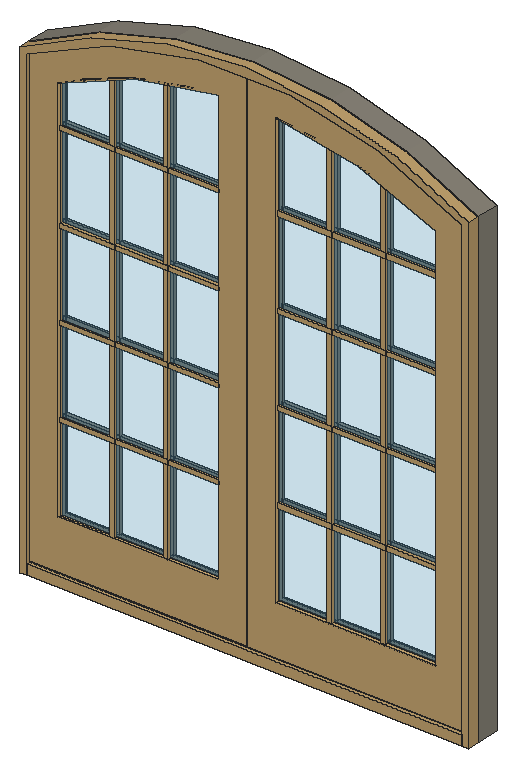
Revit family
Parameters (values of type "CUIAF6070")
  URL = "www.marvin.com"
  Thickness = 0' - 1 3/4"
  Sill Material = Fiberglass_Pultrusion-Marvin-Beige
  Rough Width = Width + 0' 1"  # 6' - 1 5/8"
  Rough Height = Height + 0' 0 1/2"  # 7' - 2 1/2"
  Radius = 6' - 0 1/8"
  RO Radius = 6' - 0 1/2"
  Plan Swing Angle [instance] = 90.00°
  Panel Width = (Width - 0' 2 1/2") / 2  # 2' - 11 1/16"
  Nominal Width = 6' - 0"
  Nominal Height = 7' - 0"
  Muntins Interior Visibility = yes
  Muntins Interior Material = Wood-Marvin-Pine
  Muntins Exterior Visibility = yes
  Muntins Exterior Material = Aluminum-Marvin-Bronze
  Model = "CUIAF6070"
  Mask Offset [instance] = if(Inset to Installation Flange = 0' 1 3/32", 0' 0 1/32", 0' 0")  # 0' - 0"
  Mask [instance] = Inset to Installation Flange > 0' 1 3/32"  # no
  Manufacturer = "Marvin Windows and Doors"
  Lites Wide = 3
  Lites High = 5
  Label Visibility = no
  Jamb Extension Visibility = no
  Interior Material = Wood-Marvin-Pine
  Inset to Installation Flange [instance] = 0' - 1"
  Height = if(Nominal Height = 6' 6", Nominal Height + 0' 1 1/2", if(Nominal Height = 8' 0", Nominal Height - 0' 0 1/2", Nominal Height + 0' 2"))  # 7' - 2"
  Wall Closure = (empty or 0)
  Width = Nominal Width + 0' 0 5/8"  # 6' - 0 5/8"
  Glazing Material = Glass-Marvin-IG Low E II with Argon
  Glass Type = "IG Low E II with Argon"
  Function = 1
  Frame = "Aluminum Clad"
  Family created by = "www.rbuiltcomponents.com"
  FS Springline = 6' - 4 3/16"
  Door Type = "Clad Ultimate Inswing Archtop French Door"
  Design Pressure = "DP40"
  Description = "7284 AT FR DOOR"
  Daylight Area = DLO Width * DLO Height * 2  # 24.9272 SF
  DLO Width = (Width - 1' 9 7/16") / 2  # 2' - 1 19/32"
  DLO Height = Height - 1' 3 7/8"  # 5' - 10 1/8"
  Cladding Material = Aluminum-Marvin-Bronze
  Assembly Code = ""
Reference planes (in)
  plane 1 "Center (Front/Back)": y = 0
  plane 2 "Center (Left/Right)": x = 0
  plane 3 "Left": x = -36.3125
  plane 4 "Right": x = 36.3125
  plane 5 "Top": z = 86
  plane 6 "Exterior": y = 3
  plane 7 "Interior": y = -3
  plane 8 "Inset": y = 2
  plane 9 "Glazing": y = -0.71875
  plane 10: x = -30.375
  plane 11: x = 30.375
  plane 12: z = 80.0625
  plane 13: z = 9.96875
  plane 14 "Jamb Ext Face": y = -2.5625
  plane 15: x = -0.0625
  plane 16: x = 0.0625
  plane 17: x = 4.8125
  plane 18: x = -4.8125
  plane 19: x = -17.59375
  plane 20: x = 17.59375
  plane 21: z = 76.1875
  plane 22: y = -2.59375
Forms (in)
  Sweep 1, solid, material "Aluminum-Marvin-Bronze" <- "Cladding Material"
    path origin (0, -0.71875, 0) x (1, 0, 0) y (0, 0, 1)
      loop
        line (-1.125, 4.03125) -> (36.3125, 4.03125) -> (36.3125, 76.1875)
        arc (36.3125, 76.1875) -> (18.26324, 83.64484) -> (-1.125, 85.98665) r 72.125
        line (-1.125, 85.98665) -> (-1.125, 4.03125)
    profile "Clad_Panel : Clad_Panel" origin (-1.125, -0.71875, 45.00895) x (-1, 0, 0) y (0, -1, 0)
      loop
        line (-1.1875, 0) -> (-5.9375, 0) -> (-5.9375, -0.05719) -> (-5.72946, -0.26523) -> (-5.72946, -0.4375) -> (-1.1875, -0.4375) -> (-1.1875, 0)
  Sweep 2, solid, material "Wood-Marvin-Pine" <- "Interior Material"
    path origin (0, -0.71875, 0) x (1, 0, 0) y (0, 0, 1)
      loop
        line (-1.125, 85.98665) -> (-1.125, 4.03125) -> (36.3125, 4.03125) -> (36.3125, 76.1875)
        arc (36.3125, 76.1875) -> (18.26324, 83.64484) -> (-1.125, 85.98665) r 72.125
    profile "Int_Panel : Int_Panel" origin (-1.125, -0.71875, 45.00895) x (1, 0, 0) y (0, -1, 0)
      loop
        line (1.1875, 1.3125) -> (1.1875, 0) -> (5.21266, 0) -> (5.21266, 0.82511) -> (5.9375, 0.82511) -> (5.9375, 0.97108) -> (5.74041, 1.3125) -> (1.1875, 1.3125)
  Sweep 3, solid, material "Aluminum-Marvin-Bronze" <- "Cladding Material"
    path origin (0, -0.71875, 0) x (1, 0, 0) y (0, 0, 1)
      loop
        line (-36.3125, 0) -> (-36.3125, 76.1875)
        arc (-36.3125, 76.1875) -> (0, 85.99542) -> (36.3125, 76.1875) r 72.125
        line (36.3125, 76.1875) -> (36.3125, 0)
    profile "Clad_Frame : Clad_Frame" origin (-36.3125, -0.71875, 38.09375) x (-1, 0, 0) y (0, -1, 0)
      loop
        line (0, -3.8125) -> (0, 0) -> (-1.06374, 0) -> (-1.06374, -0.53244) -> (-1.77792, -0.53244)
        arc (-1.77792, -0.53244) -> (-1.63018, -1.76415) -> (-1.51551, -2.99937) r 46.27589
        line (-1.51551, -2.99937) -> (-0.93767, -2.99937) -> (-0.93767, -3.10585) -> (-0.67848, -3.10585) -> (-0.67848, -3.8125) -> (0, -3.8125)
  Sweep 4, solid, material "Wood-Marvin-Pine" <- "Interior Material"
    path origin (0, -0.71875, 0) x (1, 0, 0) y (0, 0, 1)
      loop
        line (-36.3125, 0) -> (-36.3125, 76.1875)
        arc (-36.3125, 76.1875) -> (0, 85.99542) -> (36.3125, 76.1875) r 72.125
        line (36.3125, 76.1875) -> (36.3125, 0)
    profile "Int_Frame : Int_Frame" origin (-36.3125, -0.71875, 38.09375) x (-1, 0, 0) y (0, -1, 0)
      loop
        line (0, 0) -> (0, 1.84375) -> (-1.06374, 1.84375) -> (-1.06374, 0) -> (0, 0)
  Sweep 5, solid, material "Fiberglass_Pultrusion-Marvin-Beige" <- "Sill Material"
    path origin (0, 2, 0) x (1, 0, 0) y (0, 0, 1)
      loop
        line (35.63402, 0) -> (-35.63402, 0)
    profile "Sill : Sill" origin (0, 2, 0) x (0, 0, -1) y (0, -1, 0)
      loop
        line (-0.45122, -1.09375) -> (0, -1.09375) -> (0, 3.9375) -> (-1.61915, 3.9375) -> (-1.61915, 1.78125) -> (-0.75338, 1.78125) -> (-0.45122, -1.09375)
  Extrusion 6, solid, material "Aluminum-Marvin-Bronze" <- "Cladding Material"
    sketch origin (0, 0, 0) x (0, 1, 0) y (0, 0, 1)
      loop
        line (-0.28125, 5.21875) -> (-0.71875, 5.21875) -> (-0.71875, 1.8125) -> (-0.28125, 1.8125) -> (-0.28125, 5.21875)
    from 0.0625 to 35.125
  Extrusion 7, solid, material "Wood-Marvin-Pine" <- "Interior Material"
    sketch origin (0, 0, 0) x (0, 1, 0) y (0, 0, 1)
      loop
        line (-0.71875, 5.21875) -> (-2.03125, 5.21875) -> (-2.03125, 1.8125) -> (-0.71875, 1.8125) -> (-0.71875, 5.21875)
    from 0.0625 to 35.125
  Extrusion 8, solid, material "Wood-Marvin-Pine" <- "Interior Material", visible <- "Jamb Extension Visibility", detail levels medium+fine
    sketch origin (0, -2.5625, 0) x (1, 0, 0) y (0, 0, 1)
      loop
        line (-36.3125, 0) -> (-35.625, 0) -> (-35.625, 75.79115)
        arc (-35.625, 75.79115) -> (0, 85.30792) -> (35.625, 75.79115) r 71.4375
        line (35.625, 75.79115) -> (35.625, 0) -> (36.3125, 0) -> (36.3125, 76.1875)
        arc (36.3125, 76.1875) -> (0, 85.99542) -> (-36.3125, 76.1875) r 72.125
        line (-36.3125, 76.1875) -> (-36.3125, 0)
    from 0.03125 to 0.4375
  Extrusion 9, solid, material "Glass-Marvin-IG Low E II with Argon" <- "Glazing Material"
    sketch origin (0, -0.71875, 0) x (1, 0, 0) y (0, 0, 1)
      loop
        line (31, 9.34375) -> (31, 73.16849)
        arc (31, 73.16849) -> (17.9872, 78.3198) -> (4.1875, 80.6516) r 66.91234
        line (4.1875, 80.6516) -> (4.1875, 9.34375) -> (31, 9.34375)
      loop
        line (-4.1875, 9.34375) -> (-4.1875, 80.6516)
        arc (-4.1875, 80.6516) -> (-17.9872, 78.3198) -> (-31, 73.16849) r 66.91234
        line (-31, 73.16849) -> (-31, 9.34375) -> (-4.1875, 9.34375)
    from 0 to 0.125
  Extrusion 10, solid, material "Glass-Marvin-IG Low E II with Argon" <- "Glazing Material"
    sketch origin (0, -0.71875, 0) x (1, 0, 0) y (0, 0, 1)
      loop
        line (31, 9.34375) -> (31, 73.16849)
        arc (31, 73.16849) -> (17.9872, 78.3198) -> (4.1875, 80.6516) r 66.91234
        line (4.1875, 80.6516) -> (4.1875, 9.34375) -> (31, 9.34375)
      loop
        line (-31, 9.34375) -> (-4.1875, 9.34375) -> (-4.1875, 80.6516)
        arc (-4.1875, 80.6516) -> (-17.9872, 78.3198) -> (-31, 73.16849) r 66.91234
        line (-31, 73.16849) -> (-31, 9.34375)
    from 0.65625 to 0.78125
  Extrusion 11, solid, material "Wood-Marvin-Pine" <- "Interior Material"
    sketch origin (0, 0, 0) x (0, 1, 0) y (0, 0, 1)
      loop
        line (-1.9375, 1.625) -> (-2.5625, 1.625) -> (-2.5625, 0) -> (-1.9375, 0) -> (-1.9375, 1.625)
    from -35.24876 to 35.24876
  Sweep 12, solid, material "Aluminum-Marvin-Bronze" <- "Cladding Material"
    path origin (0, -0.71875, 0) x (-1, 0, 0) y (0, 0, 1)
      loop
        line (-1.125, 4.03125) -> (36.3125, 4.03125) -> (36.3125, 76.1875)
        arc (36.3125, 76.1875) -> (18.26324, 83.64484) -> (-1.125, 85.98665) r 72.125
        line (-1.125, 85.98665) -> (-1.125, 4.03125)
    profile "Clad_Panel : Clad_Panel" origin (1.125, -0.71875, 45.00895) x (-1, 0, 0) y (0, -1, 0)
      loop
        line (1.1875, 0) -> (1.1875, -0.4375) -> (5.72946, -0.4375) -> (5.72946, -0.26523) -> (5.9375, -0.05719) -> (5.9375, 0) -> (1.1875, 0)
  Sweep 13, solid, material "Wood-Marvin-Pine" <- "Interior Material"
    path origin (0, -0.71875, 0) x (-1, 0, 0) y (0, 0, 1)
      loop
        line (-1.125, 85.98665) -> (-1.125, 4.03125) -> (36.3125, 4.03125) -> (36.3125, 76.1875)
        arc (36.3125, 76.1875) -> (18.26324, 83.64484) -> (-1.125, 85.98665) r 72.125
    profile "Int_Panel : Int_Panel" origin (1.125, -0.71875, 45.00895) x (1, 0, 0) y (0, -1, 0)
      loop
        line (-1.1875, 1.3125) -> (-5.74041, 1.3125) -> (-5.9375, 0.97108) -> (-5.9375, 0.82511) -> (-5.21266, 0.82511) -> (-5.21266, 0) -> (-1.1875, 0) -> (-1.1875, 1.3125)
  Extrusion 14, solid, material "Wood-Marvin-Pine" <- "Interior Material"
    sketch origin (0, 0, 0) x (0, 1, 0) y (0, 0, -1)
      loop
        line (-0.71875, -5.21875) -> (-0.71875, -1.8125) -> (-2.03125, -1.8125) -> (-2.03125, -5.21875) -> (-0.71875, -5.21875)
    from 0.0625 to 35.125
  Extrusion 15, solid, material "Aluminum-Marvin-Bronze" <- "Cladding Material"
    sketch origin (0.125, 0, 0) x (0, 1, 0) y (0, 0, -1)
      loop
        line (-0.28125, -5.21875) -> (-0.28125, -1.8125) -> (-0.71875, -1.8125) -> (-0.71875, -5.21875) -> (-0.28125, -5.21875)
    from 0.1875 to 35.25
  Sweep 16, solid, material "Aluminum-Marvin-Bronze" <- "Cladding Material"
    path in 3D
      loop
        line (-0.0625, -0.28125, 1.8125) -> (-0.0625, -0.28125, 84.8079)
    profile "Mtg_Stile : Mtg_Stile" origin (-0.0625, -0.28125, 43.3102) x (0, -1, 0) y (1, 0, 0)
      loop
        line (0, 0.71385) -> (-0.9637, 0.61256) -> (-1.13979, 0.37874) -> (-1.594, 0.25704) -> (-1.594, -0.62233) -> (-1.15549, -0.73983) -> (-0.9773, -0.97643) -> (0, -1.07915) -> (0, 0.71385)
Cuts and joins
  joined: Sweep 1, Extrusion 6
  joined: Sweep 2, Extrusion 7
  joined: Sweep 13, Extrusion 14
  joined: Sweep 12, Extrusion 15
Lines and regions (in)
  Opening 1
    outline origin (-90, -3, 0) x (1, 0, 0) y (0, 0, 1)
      loop
        line (53.6875, 0) -> (126.3125, 0) -> (126.3125, 76.1875)
        arc (126.3125, 76.1875) -> (90, 85.99542) -> (53.6875, 76.1875) r 72.125
        line (53.6875, 76.1875) -> (53.6875, 0)
  Masking region 1
    outline origin (0, 0, 0) x (0, 1, 0) y (0, 0, 1)
      loop
        line (3.09375, 86) -> (-2.5625, 86) -> (-2.5625, 0) -> (3.09375, 0) -> (3.09375, 86)
  Masking region 2, visible <- "Mask"
    outline origin (0, 0, 0) x (0, 1, 0) y (0, 0, 1)
      loop
        line (3.09375, 86) -> (3, 86) -> (3, 0) -> (3.09375, 0) -> (3.09375, 86)
  Masking region 3, visible <- "Jamb Extension Visibility"
    outline origin (0, 0, 0) x (1, 0, 0) y (0, 1, 0)
      loop
        line (-36.3125, -2.59375) -> (-36.3125, -3) -> (-35.625, -3) -> (-35.625, -2.59375) -> (-36.3125, -2.59375)
      loop
        line (36.3125, -2.59375) -> (35.625, -2.59375) -> (35.625, -3) -> (36.3125, -3) -> (36.3125, -2.59375)
  Masking region 4
    outline origin (0, 0, 0) x (0, 1, 0) y (0, 0, 1)
      loop
        line (-2.59375, 86) -> (-3, 86) -> (-3, 0) -> (-2.59375, 0) -> (-2.59375, 86)
  symbolic lines, style "DoorsFrameMullionProjection", visible <- "Jamb Extension Visibility", detail levels coarse+medium
    curve 1: line (-36.3125, -3, 0) -> (-35.625, -3, 0)
    curve 2: line (-35.625, -3, 0) -> (-35.625, -2.59375, 0)
    curve 3: line (36.3125, -3, 0) -> (35.625, -3, 0)
    curve 4: line (35.625, -3, 0) -> (35.625, -2.59375, 0)
    curve 7: line (0, -2.59375, 85.3125) -> (0, -3, 85.3125)
    curve 8: line (0, -3, 85.3125) -> (0, -3, 86)
  symbolic lines, style "Jamb Extension", visible <- "Jamb Extension Visibility", detail levels fine
    curve 5: line (0, -2.59375, 85.3125) -> (0, -3, 85.3125)
    curve 6: line (0, -3, 85.3125) -> (0, -3, 86)
  symbolic lines, style "DoorsFrameMullionProjection", detail levels coarse+medium
    curve 9: line (0, 3.09375, 86) -> (0, 3.09375, 84.93626)
    curve 10: line (0, 3.09375, 84.93626) -> (0, -2.5625, 84.93626)
    curve 11: line (0, -2.5625, 84.93626) -> (0, -2.5625, 86)
    curve 20: line (0, -0.28125, 80.0625) -> (0, -0.28125, 9.96875)
    curve 21: line (0, -2.03125, 80.0625) -> (0, -2.03125, 9.96875)
    curve 24: line (0, 3.09375, 0.45122) -> (0, 0.21875, 0.75338)
    curve 25: line (0, 0.21875, 1.625) -> (0, 0.21875, 0.75338)
    curve 26: line (0, 0.21875, 1.625) -> (0, -2.56948, 1.625)
    curve 27: line (0, -2.56948, 0) -> (0, -2.56948, 1.625)
    curve 28: line (0, 3.09375, 0) -> (0, 3.09375, 0.45122)
    curve 29: line (0, 3.09375, 0) -> (0, -2.56948, 0)
  symbolic lines, style "DoorsPanelProjection", detail levels coarse+medium
    curve 12: line (0, -0.28125, 80.0625) -> (0, -0.28125, 84.93626)
    curve 13: line (0, -2.03125, 80.0625) -> (0, -0.28125, 80.0625)
    curve 14: line (0, -2.03125, 84.93626) -> (0, -2.03125, 80.0625)
    curve 15: line (0, -0.28125, 9.96875) -> (0, -2.03125, 9.96875)
    curve 16: line (0, -0.28125, 1.8125) -> (0, -0.28125, 9.96875)
    curve 17: line (0, -2.03125, 1.8125) -> (0, -0.28125, 1.8125)
    curve 18: line (0, -2.03125, 9.96875) -> (0, -2.03125, 1.8125)
  symbolic lines, style "DoorsGlassProjection", detail levels coarse+medium
    curve 19: line (0, -1.15625, 9.96875) -> (0, -1.15625, 80.0625)
  symbolic lines, style "Elevation Swing"
    curve 22: line (0, -0.71875, 1.73908) -> (35.125, -0.71875, 43)
    curve 23: line (35.125, -0.71875, 43) -> (0, -0.71875, 84.90841)
    curve 30: line (0, -0.71875, 1.73908) -> (-35.125, -0.71875, 43)
    curve 31: line (-35.125, -0.71875, 43) -> (0, -0.71875, 84.90841)
  sketch lines
    curve 32: line (-0.0625, -0.28125, 1.8125) -> (-0.0625, -0.28125, 84.8079)
  reference lines
    curve 33: arc (36.3125, 3, 76.1875) -> (0, 3, 85.99542) -> (-36.3125, 3, 76.1875) r 72.125
Text (in)
  text "Exterior" at (-74.96733, 27.31104, 0), in view "Ref. Level"
  text "Interior" at (-74.96733, -25.14366, 0), in view "Ref. Level"
  text "Exterior" at (0, 40.15149, 123.01588), in view "Right"
  text "Interior" at (0, -64.39139, 123.01588), in view "Right"
  text "Interior" at (0, -31.01599, 123.00693), in view "Left"
  text "Exterior" at (0, 54.57065, 123.00693), in view "Left"
Dimensions and locks (in)
  equal spacing: plane 3 "Left", plane 2 "Center (Left/Right)", plane 4 "Right"
  "Height": level to plane 5 "Top"
  "Width": plane 3 "Left" to plane 4 "Right"
  locked: plane 11 to plane 4 "Right" at 5.9375
  locked: plane 3 "Left" to plane 10 at 5.9375
  locked: plane 12 to plane 5 "Top" at 5.9375
  locked: level to plane 13 at 9.96875
  locked: Extrusion 6 sketch curve to Sweep 1 at 3.40625
  locked: Extrusion 7 sketch curve to Sweep 2 at 3.40625
  locked: Extrusion 8 sketch curve to plane 4 "Right" at 0.6875
  locked: plane 3 "Left" to Extrusion 8 sketch curve at 0.6875
  locked: Extrusion 9 sketch curve to plane 13 at 0.625
  locked: plane 11 to Extrusion 9 sketch curve at 0.625
  locked: Extrusion 10 sketch curve to plane 13 at 0.625
  locked: plane 11 to Extrusion 10 sketch curve at 0.625
  locked: plane 9 "Glazing" to Extrusion 9 at 0.125
  locked: plane 9 "Glazing" to Extrusion 10 at 0.78125
  locked: plane 9 "Glazing" to Extrusion 10 at 0.65625
  locked: Extrusion 10 to Extrusion 10 at 0.125
  "Inset to Installation Flange": host wall to plane 8 "Inset"
  locked: plane 9 "Glazing" to plane 8 "Inset" at 2.71875
  locked: plane 14 "Jamb Ext Face" to plane 8 "Inset" at 4.5625
  locked: nested 2 to host wall at 12
  locked: Extrusion 11 sketch curve to level at 1.625
  plane 15 to plane 2 "Center (Left/Right)" to plane 16 = 0' - 0 1/16", 0' - 0 1/16"
  locked: plane 17 to plane 16 at 4.75
  locked: plane 15 to plane 18 at 4.75
  locked: plane 17 to Extrusion 9 sketch curve at 0.625
  locked: plane 17 to Extrusion 10 sketch curve at 0.625
  equal spacing: plane 18, plane 19, plane 10
  equal spacing: plane 17, plane 20, plane 11
  equal spacing: level, curve 23, plane 5 "Top"
  locked: Extrusion 14 sketch curve to Extrusion 14 sketch curve at 3.40625
  locked: Extrusion 15 sketch curve to Extrusion 15 sketch curve at 3.40625
  locked: Extrusion 10 sketch curve to plane 18 at 0.625
  locked: Extrusion 10 sketch curve to plane 10 at 0.625
  locked: Extrusion 9 sketch curve to plane 18 at 0.625
  locked: Extrusion 9 sketch curve to plane 10 at 0.625
  equal spacing: level, curve 31, plane 5 "Top"
  "FS Springline": level to plane 21
  locked: Sweep 1 sketch curve to plane 13 at 5.9375
  locked: plane 17 to Sweep 1 sketch curve at 5.9375
  locked: Sweep 12 sketch curve to plane 13 at 5.9375
  locked: Sweep 12 sketch curve to plane 18 at 5.9375
  locked: Sweep 2 sketch curve to plane 13 at 5.9375
  locked: plane 17 to Sweep 2 sketch curve at 5.9375
  locked: Sweep 13 sketch curve to plane 18 at 5.9375
  locked: Sweep 13 sketch curve to plane 13 at 5.9375
  locked: nested 5 to plane 9 "Glazing" at 0.8125
  locked: nested 4 to plane 9 "Glazing" at 0.8125
  locked: curve 7 to plane 5 "Top" at 0.6875
  "Mask Offset": Masking region 2 sketch curve to host wall
  locked: plane 22 to plane 14 "Jamb Ext Face" at 0.03125
  "Radius": radius of curve 33
  aligned and locked: plane 3 "Left" to Opening 1 sketch curve
  aligned and locked: Opening 1 sketch curve to plane 4 "Right"
  aligned and locked: Opening 1 sketch curve to level
  aligned and locked: plane 6 "Exterior" to host wall
  aligned and locked: plane 7 "Interior" to host wall
  aligned and locked: plane 3 "Left" to Sweep 3 sketch curve
  aligned and locked: level to Sweep 3 sketch curve  (x2)
  aligned and locked: Sweep 3 sketch curve to plane 4 "Right"
  aligned and locked: plane 3 "Left" to Sweep 4 sketch curve
  aligned and locked: level to Sweep 4 sketch curve  (x2)
  aligned and locked: Sweep 4 sketch curve to plane 4 "Right"
  aligned and locked: level to nested 1
  aligned and locked: nested 1 to plane 8 "Inset"
  aligned and locked: Sweep 5 sketch curve to level
  aligned and locked: Extrusion 6 sketch curve to Sweep 1  (x2)
  aligned and locked: Extrusion 6 sketch curve to plane 9 "Glazing"
  aligned and locked: Sweep 1 to Extrusion 6
  aligned and locked: Extrusion 6 to Sweep 1
  aligned and locked: Sweep 2 to Extrusion 7 sketch curve
  aligned and locked: plane 9 "Glazing" to Extrusion 7 sketch curve
  aligned and locked: Extrusion 7 sketch curve to Sweep 2
  aligned and locked: Sweep 2 to Extrusion 7
  aligned and locked: Extrusion 7 to Sweep 2
  aligned and locked: Extrusion 8 sketch curve to plane 3 "Left"
  aligned and locked: plane 4 "Right" to Extrusion 8 sketch curve
  aligned and locked: level to Extrusion 8 sketch curve  (x2)
  aligned and locked: Sweep 3 to Extrusion 8 sketch curve
  aligned and locked: host wall to Extrusion 8
  aligned and locked: Extrusion 9 to plane 9 "Glazing"
  aligned and locked: plane 3 "Left" to curve 1
  aligned and locked: curve 1 to Extrusion 8
  aligned and locked: plane 4 "Right" to curve 3
  aligned and locked: curve 4 to Extrusion 8
  aligned and locked: curve 3 to Extrusion 8
  aligned and locked: Extrusion 8 to curve 6
  aligned and locked: plane 5 "Top" to curve 8
  aligned and locked: plane 14 "Jamb Ext Face" to curve 11
  aligned and locked: curve 13 to plane 12
  aligned and locked: curve 14 to cut or joined group of Sweep 2, Extrusion 7
  aligned and locked: curve 12 to cut or joined group of Sweep 1, Extrusion 6
  aligned and locked: curve 15 to plane 13
  aligned and locked: curve 18 to cut or joined group of Sweep 2, Extrusion 7
  aligned and locked: curve 16 to cut or joined group of Sweep 1, Extrusion 6
  aligned and locked: curve 13 to curve 19
  aligned and locked: curve 15 to curve 19
  aligned and locked: plane 5 "Top" to Masking region 1 sketch curve
  aligned and locked: level to Masking region 1 sketch curve
  aligned and locked: level to Masking region 2 sketch curve
  aligned and locked: plane 5 "Top" to Masking region 2 sketch curve
  aligned and locked: curve 21 to cut or joined group of Sweep 2, Extrusion 7
  aligned and locked: cut or joined group of Sweep 1, Extrusion 6 to curve 22
  aligned and locked: plane 2 "Center (Left/Right)" to nested 2
  aligned and locked: level to Extrusion 11 sketch curve
  aligned and locked: Extrusion 11 sketch curve to plane 14 "Jamb Ext Face"
  aligned and locked: curve 17 to cut or joined group of Sweep 2, Extrusion 7
  aligned and locked: curve 24 to Sweep 5
  aligned and locked: curve 25 to nested 1
  aligned and locked: curve 27 to nested 1
  aligned and locked: curve 28 to Sweep 5
  aligned and locked: Extrusion 14 sketch curve to Sweep 13  (x2)
  aligned and locked: plane 9 "Glazing" to Extrusion 14 sketch curve
  aligned and locked: Extrusion 14 to Sweep 13
  aligned and locked: Sweep 13 to Extrusion 14
  aligned and locked: Extrusion 15 sketch curve to Sweep 12  (x2)
  aligned and locked: Extrusion 15 sketch curve to plane 9 "Glazing"
  aligned and locked: cut or joined group of Sweep 13, Extrusion 14 to Extrusion 15
  aligned and locked: Extrusion 15 to Sweep 12
  aligned and locked: Extrusion 10 sketch curve to Extrusion 10 sketch curve
  aligned and locked: Extrusion 9 sketch curve to Extrusion 9 sketch curve
  aligned and locked: nested 3 to plane 8 "Inset"
  aligned and locked: Masking region 1 sketch curve to Sweep 3
  aligned and locked: Masking region 2 sketch curve to Sweep 3
  aligned and locked: Extrusion 11 sketch curve to Sweep 5
  aligned and locked: curve 9 to Sweep 3
  aligned and locked: Sweep 5 sketch curve to Sweep 3
  aligned and locked: Sweep 3 to Sweep 5 sketch curve
  aligned and locked: Extrusion 11 to Sweep 4  (x2)
  aligned and locked: plane 21 to curve 33  (x2)
  aligned and locked: plane 4 "Right" to curve 33
  aligned and locked: plane 3 "Left" to curve 33
  aligned and locked: Opening 1 sketch curve to curve 33
  aligned and locked: Sweep 3 sketch curve to host wall
  aligned and locked: Sweep 1 sketch curve to plane 4 "Right"
  aligned and locked: Sweep 1 sketch curve to host wall
  aligned and locked: Sweep 12 sketch curve to plane 3 "Left"
  aligned and locked: Sweep 12 sketch curve to host wall
  aligned and locked: plane 4 "Right" to Sweep 2 sketch curve
  aligned and locked: Sweep 2 sketch curve to host wall
  aligned and locked: plane 3 "Left" to Sweep 13 sketch curve
  aligned and locked: Sweep 13 sketch curve to host wall
  aligned and locked: Extrusion 10 sketch curve to Extrusion 9  (x2)
  aligned and locked: Extrusion 8 sketch curve to host wall
  aligned and locked: Sweep 4 sketch curve to host wall
  aligned and locked: Extrusion 9 sketch curve to cut or joined group of Sweep 2, Extrusion 7
  aligned and locked: Extrusion 9 sketch curve to cut or joined group of Sweep 13, Extrusion 14
  aligned and locked: plane 19 to nested 4
  aligned and locked: nested 5 to plane 20
  aligned and locked: nested 4 to plane 13
  aligned and locked: plane 13 to nested 5
  aligned and locked: plane 20 to nested 6
  aligned and locked: nested 7 to plane 19
  aligned and locked: nested 6 to plane 13
  aligned and locked: plane 13 to nested 7
  aligned and locked: plane 9 "Glazing" to nested 7
  aligned and locked: nested 6 to plane 9 "Glazing"
  aligned and locked: curve 10 to nested 1
  aligned and locked: curve 5 to curve 7
  aligned and locked: nested 3 to plane 2 "Center (Left/Right)"
  aligned and locked: Extrusion 8 to curve 2
  aligned and locked: plane 22 to Masking region 3 sketch curve
  aligned and locked: Masking region 3 sketch curve to plane 3 "Left"
  aligned and locked: Masking region 3 sketch curve to host wall
  aligned and locked: Masking region 3 sketch curve to Extrusion 8  (x2)
  aligned and locked: Masking region 3 sketch curve to plane 22
  aligned and locked: Masking region 3 sketch curve to plane 4 "Right"
  aligned and locked: host wall to Masking region 3 sketch curve
  aligned and locked: Extrusion 8 to curve 4
  aligned and locked: Extrusion 8 to curve 7
  aligned and locked: Extrusion 8 to curve 5
  aligned and locked: Extrusion 8 to plane 22
  aligned and locked: Masking region 1 sketch curve to plane 14 "Jamb Ext Face"
  aligned and locked: plane 5 "Top" to Masking region 4 sketch curve
  aligned and locked: level to Masking region 4 sketch curve
  aligned and locked: plane 22 to Masking region 4 sketch curve
  aligned and locked: Masking region 4 sketch curve to host wall
Automatic sketch dimensions
  curve 23 to plane 2 "Center (Left/Right)" = 0' - 0"
  curve 30 to plane 3 "Left" = 0' - 1 3/16"
  level to curve 22 = 0' - 1.73908"
  plane 5 "Top" to curve 31 = 0' - 1.09159"
  curve 30 to plane 2 "Center (Left/Right)" = 0' - 0"
  Extrusion 8 sketch curve to Extrusion 8 sketch curve = 0' - 0"  (x2)
  Extrusion 8 sketch curve to plane 21 = 0' - 0.39635"
  curve 1 to curve 2 = 0' - 0 11/16"
  curve 29 to level = 0' - 0"
  curve 11 to plane 5 "Top" = 0' - 0"
  plane 9 "Glazing" to curve 19 = 0' - 0 7/16"
  curve 26 to curve 16 = 0' - 0 3/16"
  curve 9 to plane 5 "Top" = 0' - 0"
Nested families (in)
  nested 1: "Door_Section_Detail" at (0, 2, 0) x (0, -1, 0) z (1, 0, 0), type "Door_Section_Detail", detail levels fine
  nested 2: "Label Annotation 1-16 w5" at (0, 15, 0), visible <- "Label Visibility", type "Label Annotation 1-16 w5"
  nested 3: "Door_Plan_Detail" at (-54.25, -1.9375, 0) x (-1, 0, 0) z (0, 0, 1), type "Door_Plan_Detail"
  nested 4: "Muntins" at (-17.59375, -1.53125, -26.03125), Muntin Material <- "Muntins Interior Material", visible <- "Muntins Interior Visibility", type "Muntins"
    with Muntin Material Wood-Marvin-Pine, VerticalMuntins 2, LitesHorizontal 3, Inset Vert 0' - 8.30208"
  nested 5: "Muntins" at (17.59375, -1.53125, -26.03125) x (-1, 0, 0) z (0, 0, 1), Muntin Material <- "Muntins Interior Material", visible <- "Muntins Interior Visibility", type "Muntins"
    with Muntin Material Wood-Marvin-Pine, VerticalMuntins 2, LitesHorizontal 3, Inset Vert 0' - 8.30208"
  nested 6: "Muntins" at (17.59375, -0.71875, -26.03125) x (-1, 0, 0) z (0, 0, 1), visible <- "Muntins Exterior Visibility", Muntin Material <- "Muntins Exterior Material", type "Muntins"
    with Muntin Material Aluminum-Marvin-Bronze, VerticalMuntins 2, LitesHorizontal 3, Inset Vert 0' - 8.30208"
  nested 7: "Muntins" at (-17.59375, -0.71875, -26.03125), visible <- "Muntins Exterior Visibility", Muntin Material <- "Muntins Exterior Material", type "Muntins"
    with Muntin Material Aluminum-Marvin-Bronze, VerticalMuntins 2, LitesHorizontal 3, Inset Vert 0' - 8.30208"
Definition of nested family "Muntins"
  Parameters (values of type "Muntins")
    Radius = 5' - 6 3/16"
    GlazingWidth = 2' - 1 19/32"
    GlazingHeight = 5' - 10 1/8"
    Width = GlazingWidth + 0' 0 7/16"  # 2' - 2 1/32"
    VerticalMuntins = if(LitesHorizontal < 3, 2, LitesHorizontal - 1)  # 5
    VertMuntVisible = LitesHorizontal > 2  # yes
    MuntinWidth = 0' - 0 3/4"
    MuntinDepth = 0' - 0 3/8"
    Muntin Material [instance] = none
    LitesVertical = 5
    LitesHorizontal = 6
    HorizontalMuntins = if(LitesVertical < 3, 2, LitesVertical - 1)  # 4
    HorizMuntVisible = LitesVertical > 2  # yes
    Height = GlazingHeight + 0' 0 7/16"  # 5' - 10 9/16"
    Inset Vert = if(LitesHorizontal < 3, (Width / 3) - (MuntinWidth / 2), (Width / LitesHorizontal) - (MuntinWidth / 2))  # 0' - 3.96354"
    Inset Horiz = if(LitesVertical < 3, (Height / 3) - (MuntinWidth / 2), (Height / LitesVertical) - (MuntinWidth / 2))  # 1' - 1.7375"
    CenterMuntinVertical = LitesHorizontal = 2  # no
    CenterMuntinHorizontal = LitesVertical = 2  # no
    Assembly Code = ""
  Reference planes (in)
    plane 1 "Center (Front/Back)": y = 0
    plane 2: z = 0
    plane 3 "Center (Left/Right)": x = 0
    plane 4: z = 35.78125
    plane 5: z = 71.0625
    plane 6: z = 106.34375
    plane 7: z = 92.60625
    plane 8: z = 49.51875
    plane 9: z = 106.125
    plane 10: z = 36
    plane 11: x = -12.79688
    plane 12: x = 12.79688
    plane 13: x = -9.05208
    plane 14: x = -13.01562
    plane 15: x = 13.01563
    plane 16: x = 9.05208
    plane 17: x = 17.39063
  Forms (in)
    Extrusion 1, solid, material <- "Muntin Material", visible <- "CenterMuntinVertical", detail levels medium+fine
      sketch origin (9, 0, 0) x (1, 0, 0) y (0, 0, 1)
        loop
          line (-9.375, 106.34375) -> (-9.375, 35.78125) -> (-8.625, 35.78125) -> (-8.625, 106.34375) -> (-9.375, 106.34375)
      from 0 to 0.375 <- "MuntinDepth"
    Extrusion 2, solid, material <- "Muntin Material", visible <- "CenterMuntinHorizontal", detail levels medium+fine
      sketch origin (-0.0013, 0, 14.6875) x (1, 0, 0) y (0, 0, 1)
        loop
          line (-13.01432, 56.75) -> (-13.01432, 56) -> (13.01693, 56) -> (13.01693, 56.75) -> (-13.01432, 56.75)
      from 0 to 0.375 <- "MuntinDepth"
    Extrusion 3, solid, material <- "Muntin Material", visible <- "VertMuntVisible", detail levels medium+fine
      sketch origin (0.32292, 0, -2.90625) x (1, 0, 0) y (0, 0, 1)
        loop
          line (-9.375, 109.25) -> (-9.375, 38.6875) -> (-8.625, 38.6875) -> (-8.625, 109.25) -> (-9.375, 109.25)
      from 0 to 0.375 <- "MuntinDepth"
    Extrusion 4, solid, material <- "Muntin Material", visible <- "HorizMuntVisible", detail levels medium+fine
      sketch origin (-2.29948, 0, 46.91875) x (1, 0, 0) y (0, 0, 1)
        loop
          line (-10.71615, 45.6875) -> (-10.71615, 44.9375) -> (15.3151, 44.9375) -> (15.3151, 45.6875) -> (-10.71615, 45.6875)
      from 0 to 0.375 <- "MuntinDepth"
    Extrusion 5, solid, material <- "Muntin Material", visible <- "HorizMuntVisible", detail levels medium+fine
      sketch origin (-2.29948, 0, 4.58125) x (1, 0, 0) y (0, 0, 1)
        loop
          line (-10.71615, 45.6875) -> (-10.71615, 44.9375) -> (15.3151, 44.9375) -> (15.3151, 45.6875) -> (-10.71615, 45.6875)
      from 0 to 0.375 <- "MuntinDepth"
    Extrusion 6, solid, material <- "Muntin Material", visible <- "VertMuntVisible", detail levels medium+fine
      sketch origin (17.67708, 0, -2.90625) x (1, 0, 0) y (0, 0, 1)
        loop
          line (-9.375, 109.25) -> (-9.375, 38.6875) -> (-8.625, 38.6875) -> (-8.625, 109.25) -> (-9.375, 109.25)
      from 0 to 0.375 <- "MuntinDepth"
    Extrusion 7, solid, material <- "Muntin Material", visible <- "HorizMuntVisible", detail levels medium+fine
      sketch origin (-2.29948, 0, 32.80625) x (1, 0, 0) y (0, 0, 1)
        loop
          line (-10.71615, 45.6875) -> (-10.71615, 44.9375) -> (15.3151, 44.9375) -> (15.3151, 45.6875) -> (-10.71615, 45.6875)
      from 0 to 0.375 <- "MuntinDepth"
    Extrusion 8, solid, material <- "Muntin Material", visible <- "HorizMuntVisible", detail levels medium+fine
      sketch origin (-2.29948, 0, 18.69375) x (1, 0, 0) y (0, 0, 1)
        loop
          line (-10.71615, 45.6875) -> (-10.71615, 44.9375) -> (15.3151, 44.9375) -> (15.3151, 45.6875) -> (-10.71615, 45.6875)
      from 0 to 0.375 <- "MuntinDepth"
    Extrusion 9, void
      sketch origin (0, 0, 0) x (1, 0, 0) y (0, 0, 1)
        loop
          line (17.39063, 106.34375) -> (-12.79688, 106.34375) -> (-12.79688, 99.05871)
          arc (-12.79688, 99.05871) -> (1.86358, 104.49672) -> (17.39063, 106.34375) r 66.1875
      from 0 to 1
    Extrusion 10, solid, material <- "Muntin Material", visible <- "VertMuntVisible", detail levels medium+fine
      sketch origin (4.66146, 0, -2.90625) x (1, 0, 0) y (0, 0, 1)
        loop
          line (-9.375, 109.25) -> (-9.375, 38.6875) -> (-8.625, 38.6875) -> (-8.625, 109.25) -> (-9.375, 109.25)
      from 0 to 0.375 <- "MuntinDepth"
    Extrusion 11, solid, material <- "Muntin Material", visible <- "VertMuntVisible", detail levels medium+fine
      sketch origin (9, 0, -2.90625) x (1, 0, 0) y (0, 0, 1)
        loop
          line (-9.375, 109.25) -> (-9.375, 38.6875) -> (-8.625, 38.6875) -> (-8.625, 109.25) -> (-9.375, 109.25)
      from 0 to 0.375 <- "MuntinDepth"
    Extrusion 12, solid, material <- "Muntin Material", visible <- "VertMuntVisible", detail levels medium+fine
      sketch origin (13.33854, 0, -2.90625) x (1, 0, 0) y (0, 0, 1)
        loop
          line (-9.375, 109.25) -> (-9.375, 38.6875) -> (-8.625, 38.6875) -> (-8.625, 109.25) -> (-9.375, 109.25)
      from 0 to 0.375 <- "MuntinDepth"
  Cuts and joins
    Extrusion 9 cuts Extrusion 1
    Extrusion 9 cuts Extrusion 3
    Extrusion 9 cuts Extrusion 6
  Lines and regions (in)
    model lines, style "Muntins", visible <- "CenterMuntinHorizontal", detail levels coarse
      curve 1: line (-13.01562, 0, 71.0625) -> (13.01563, 0, 71.0625)
    model lines, style "Muntins", visible <- "HorizMuntVisible", detail levels coarse
      curve 2: line (-13.01562, 0, 92.23125) -> (13.01563, 0, 92.23125)
      curve 3: line (-13.01562, 0, 49.89375) -> (13.01563, 0, 49.89375)
      curve 7: line (-13.01562, 0, 78.11875) -> (13.01563, 0, 78.11875)
      curve 8: line (-13.01562, 0, 64.00625) -> (13.01563, 0, 64.00625)
    model lines, style "Muntins", visible <- "CenterMuntinVertical", detail levels coarse
      curve 4: line (0, 0, 106.34375) -> (0, 0, 35.78125)
    model lines, style "Muntins", visible <- "VertMuntVisible", detail levels coarse
      curve 5: line (-8.67708, 0, 106.34375) -> (-8.67708, 0, 35.78125)
      curve 6: line (8.67708, 0, 106.34375) -> (8.67708, 0, 35.78125)
      curve 10: line (-4.33854, 0, 106.34375) -> (-4.33854, 0, 35.78125)
      curve 11: line (0, 0, 106.34375) -> (0, 0, 35.78125)
      curve 12: line (4.33854, 0, 106.34375) -> (4.33854, 0, 35.78125)
    reference lines
      curve 9: arc (17.39063, 0, 106.34375) -> (1.86358, 0, 104.49672) -> (-12.79688, 0, 99.05871) r 66.1875
  Dimensions and locks (in)
    "Inset Horiz": plane 6 to plane 7
    "Inset Horiz": plane 8 to plane 4
    equal spacing: plane 6, plane 5, plane 4
    "Height": plane 6 to plane 4
    "GlazingHeight": plane 9 to plane 10
    equal spacing: plane 9, plane 5, plane 10
    "GlazingWidth": plane 12 to plane 11
    equal spacing: plane 12, plane 3 "Center (Left/Right)", plane 11
    "MuntinWidth": Extrusion 1 sketch curve to Extrusion 1 sketch curve
    "Height": Extrusion 1 sketch curve to Extrusion 1 sketch curve
    "MuntinWidth": Extrusion 2 sketch curve to Extrusion 2 sketch curve
    "Width": Extrusion 2 sketch curve to Extrusion 2 sketch curve
    "MuntinWidth": Extrusion 3 sketch curve to Extrusion 3 sketch curve
    "Height": Extrusion 3 sketch curve to Extrusion 3 sketch curve
    "Width": plane 15 to plane 14
    equal spacing: plane 15, plane 3 "Center (Left/Right)", plane 14
    "Inset Vert": plane 13 to plane 14
    "Inset Vert": plane 15 to plane 16
    "MuntinWidth": Extrusion 4 sketch curve to Extrusion 4 sketch curve
    "Width": Extrusion 4 sketch curve to Extrusion 4 sketch curve
    "MuntinWidth": Extrusion 5 sketch curve to Extrusion 5 sketch curve
    "Width": Extrusion 5 sketch curve to Extrusion 5 sketch curve
    equal spacing: group 2, group 6, group 7, group 3  (x2)
    equal spacing: group 3, group 7, group 6, group 2
    "MuntinWidth": Extrusion 6 sketch curve to Extrusion 6 sketch curve
    "Height": Extrusion 6 sketch curve to Extrusion 6 sketch curve
    equal spacing: group 4, group 8, group 9, group 10, group 5  (x3)
    "MuntinWidth": Extrusion 7 sketch curve to Extrusion 7 sketch curve
    "Width": Extrusion 7 sketch curve to Extrusion 7 sketch curve
    "MuntinWidth": Extrusion 8 sketch curve to Extrusion 8 sketch curve
    "Width": Extrusion 8 sketch curve to Extrusion 8 sketch curve
    locked: plane 12 to plane 17 at 4.59375
    "MuntinWidth": Extrusion 10 sketch curve to Extrusion 10 sketch curve
    "Height": Extrusion 10 sketch curve to Extrusion 10 sketch curve
    "MuntinWidth": Extrusion 11 sketch curve to Extrusion 11 sketch curve
    "Height": Extrusion 11 sketch curve to Extrusion 11 sketch curve
    "MuntinWidth": Extrusion 12 sketch curve to Extrusion 12 sketch curve
    "Height": Extrusion 12 sketch curve to Extrusion 12 sketch curve
    "Radius": radius of curve 9
    aligned and locked: plane 6 to Extrusion 1  (x2)
    aligned and locked: Extrusion 1 to plane 4  (x3)
    aligned and locked: Extrusion 3 to plane 13  (x5)
    aligned and locked: Extrusion 3 to plane 4  (x3)
    aligned and locked: Extrusion 2 to plane 14
    aligned and locked: plane 15 to Extrusion 2
    aligned and locked: plane 6 to Extrusion 3
    aligned and locked: plane 7 to Extrusion 4
    aligned and locked: Extrusion 4 to plane 14
    aligned and locked: plane 15 to Extrusion 4
    aligned and locked: curve 1 to plane 5
    aligned and locked: plane 14 to curve 1
    aligned and locked: plane 15 to curve 1
    aligned and locked: Extrusion 5 to plane 14
    aligned and locked: Extrusion 5 to plane 8
    aligned and locked: plane 15 to Extrusion 5
    aligned and locked: Extrusion 5 to curve 3  (x2)
    aligned and locked: Extrusion 4 to curve 2  (x2)
    aligned and locked: curve 4 to plane 3 "Center (Left/Right)"
    aligned and locked: Extrusion 1 to curve 4  (x2)
    aligned and locked: Extrusion 3 to curve 5  (x2)
    aligned and locked: Extrusion 6 to curve 6  (x2)
    aligned and locked: Extrusion 6 to plane 16
    aligned and locked: plane 6 to Extrusion 6
    aligned and locked: plane 6 to curve 6
    aligned and locked: Extrusion 6 to plane 4
    aligned and locked: plane 4 to curve 6
    aligned and locked: Extrusion 7 to curve 7  (x2)
    aligned and locked: Extrusion 8 to curve 8  (x2)
    aligned and locked: Extrusion 9 sketch curve to plane 11
    aligned and locked: Extrusion 9 sketch curve to plane 6
    aligned and locked: plane 17 to curve 9
    aligned and locked: plane 11 to curve 9
    aligned and locked: plane 6 to curve 9
    aligned and locked: Extrusion 9 sketch curve to curve 9
    aligned and locked: Extrusion 10 to curve 10  (x2)
    aligned and locked: Extrusion 11 to curve 11  (x2)
    aligned and locked: Extrusion 12 to curve 12  (x2)
  Automatic sketch dimensions
    Extrusion 1 sketch curve to plane 4 = 0' - 0"
    Extrusion 1 sketch curve to plane 3 "Center (Left/Right)" = 0' - 0 3/8"
    Extrusion 2 sketch curve to plane 5 = 0' - 0 3/8"
    Extrusion 2 sketch curve to plane 11 = 0' - 0 7/32"
Definition of nested family "Door_Section_Detail"
  Parameters (values of type "Door_Section_Detail")
    Height = 7' - 2"
    Assembly Code = ""
  Reference planes (in)
    plane 1 "Center (Front/Back)": y = 0
    plane 2: z = 0
    plane 3 "Center (Left/Right)": x = 0
    plane 4: y = 86
  Lines and regions (in)
    detail lines, style "Cut Lines", in view "Ref. Level"
      curve 1: line (2.76266, 9.3065, 0) -> (2.76266, 80.72538, 0)
      curve 2: line (2.88766, 9.3065, 0) -> (2.88766, 80.72538, 0)
      curve 3: line (3.38766, 9.3065, 0) -> (3.38766, 80.72538, 0)
      curve 4: line (3.51266, 9.3065, 0) -> (3.51266, 80.72538, 0)
  Dimensions and locks (in)
    "Height": plane 4 to plane 1 "Center (Front/Back)"
    aligned and locked: plane 1 "Center (Front/Back)" to nested 1
    aligned and locked: plane 3 "Center (Left/Right)" to nested 1
    aligned and locked: plane 4 to nested 2
    aligned and locked: nested 2 to plane 3 "Center (Left/Right)"
    aligned and locked: curve 1 to nested 1  (x2)
    aligned and locked: nested 1 to curve 2
    aligned and locked: curve 2 to nested 1
    aligned and locked: curve 3 to nested 1  (x2)
    aligned and locked: nested 1 to curve 4
    aligned and locked: curve 4 to nested 1
    aligned and locked: nested 1 to nested 1  (x4)
    aligned and locked: curve 1 to nested 2
    aligned and locked: nested 2 to curve 2
    aligned and locked: curve 3 to nested 2
    aligned and locked: nested 2 to curve 4
  Nested families (in)
    nested 1: "Sill_Detail" at (0, 0, 0), type "Sill_Detail", in view "Ref. Level"
    nested 2: "Jamb_Detail" at (0, 86, 0) x (0, -1, 0) z (0, 0, 1), type "Jamb_Detail", in view "Ref. Level"
  Definition of nested family "Sill_Detail"
    Parameters (values of type "Sill_Detail")
      Assembly Code = ""
    Reference planes (in)
      plane 1 "Center (Front/Back)": y = 0
      plane 2: z = 0
      plane 3 "Center (Left/Right)": x = 0
    Lines and regions (in)
      detail lines, style "Cut Lines", in view "Ref. Level"
        curve 1: line (2.28125, 1.81861, 0) -> (2.28125, 9.76071, 0)
        curve 2: line (2.28125, 1.81861, 0) -> (4.03125, 1.81861, 0)
        curve 3: line (4.03125, 1.81861, 0) -> (4.03125, 9.77166, 0)
        curve 4: line (3.68983, 9.96875, 0) -> (4.03125, 9.77166, 0)
        curve 5: line (3.54386, 9.96875, 0) -> (3.68983, 9.96875, 0)
        curve 6: line (2.28125, 9.76071, 0) -> (2.45352, 9.76071, 0)
        curve 7: line (2.71875, 9.96875, 0) -> (2.66156, 9.96875, 0)
        curve 8: line (2.71875, 9.24391, 0) -> (3.54386, 9.24391, 0)
        curve 9: line (2.71875, 9.96875, 0) -> (2.71875, 9.24391, 0)
        curve 10: line (3.54386, 9.24391, 0) -> (3.54386, 9.96875, 0)
        curve 11: line (2.45352, 9.76071, 0) -> (2.66156, 9.96875, 0)
        curve 12: line (2.76266, 9.3065, 0) -> (2.88766, 9.3065, 0)
        curve 13: line (3.38766, 9.4315, 0) -> (2.88766, 9.4315, 0)
        curve 14: line (3.38766, 9.6815, 0) -> (2.88766, 9.6815, 0)
        curve 15: line (3.38766, 9.3065, 0) -> (3.51266, 9.3065, 0)
        curve 16: line (-1.09375, 0.45122, 0) -> (1.78125, 0.75338, 0)
        curve 17: line (4.56948, 0, 0) -> (-1.09375, 0, 0)
        curve 18: line (1.78125, 1.61915, 0) -> (1.78125, 0.75338, 0)
        curve 19: line (4.56948, 1.61915, 0) -> (1.78125, 1.61915, 0)
        curve 20: line (4.56948, 0, 0) -> (4.56948, 1.61915, 0)
        curve 21: line (-1.09375, 0, 0) -> (-1.09375, 0.45122, 0)
  Definition of nested family "Jamb_Detail"
    Parameters (values of type "Jamb_Detail")
      Assembly Code = ""
    Reference planes (in)
      plane 1 "Center (Front/Back)": y = 0
      plane 2: z = 0
      plane 3 "Center (Left/Right)": x = 0
    Lines and regions (in)
      detail lines, style "Cut Lines", in view "Ref. Level"
        curve 1: line (0, 1.09375, 0) -> (0, -4.5625, 0)
        curve 2: line (0, -4.5625, 0) -> (1.06374, -4.5625, 0)
        curve 3: line (1.06374, -2.18631, 0) -> (1.06374, -4.5625, 0)
        curve 4: line (1.06374, -2.18631, 0) -> (1.77792, -2.18631, 0)
        curve 5: line (0.67848, 0.3871, 0) -> (0.67848, 1.09375, 0)
        curve 6: line (0.93767, 0.3871, 0) -> (0.67848, 0.3871, 0)
        curve 7: line (0.93767, 0.28062, 0) -> (0.93767, 0.3871, 0)
        curve 8: line (0.67848, 1.09375, 0) -> (0, 1.09375, 0)
        curve 9: line (0, 0.045, 0) -> (-1.49897, 0.045, 0)
        curve 10: line (-0.155, 0, 0) -> (-1.49897, 0, 0)
        curve 11: line (-0.155, 0, 0) -> (-0.155, -0.11, 0)
        curve 12: line (0, -0.11, 0) -> (-0.155, -0.11, 0)
        curve 13: line (-1.49897, 0, 0) -> (-1.49897, 0.045, 0)
        curve 14: arc (1.77792, -2.18631, 0) -> (1.63018, -0.9546, 0) -> (1.51551, 0.28062, 0) r 46.27589
        curve 15: line (0.93767, 0.28062, 0) -> (1.51551, 0.28062, 0)
        curve 16: line (1.18687, -4.03125, 0) -> (1.18687, -2.28125, 0)
        curve 17: line (5.73978, -4.03125, 0) -> (1.18687, -4.03125, 0)
        curve 18: line (1.18687, -2.28125, 0) -> (5.72883, -2.28125, 0)
        curve 19: line (5.93687, -3.68983, 0) -> (5.73978, -4.03125, 0)
        curve 20: line (5.93687, -3.54386, 0) -> (5.93687, -3.68983, 0)
        curve 21: line (5.72883, -2.28125, 0) -> (5.72883, -2.45352, 0)
        curve 22: line (5.93687, -2.71875, 0) -> (5.93687, -2.66156, 0)
        curve 23: line (5.21204, -2.71875, 0) -> (5.21204, -3.54386, 0)
        curve 24: line (5.93687, -2.71875, 0) -> (5.21204, -2.71875, 0)
        curve 25: line (5.21204, -3.54386, 0) -> (5.93687, -3.54386, 0)
        curve 26: line (5.72883, -2.45352, 0) -> (5.93687, -2.66156, 0)
        curve 27: line (5.27462, -2.76266, 0) -> (5.27462, -2.88766, 0)
        curve 28: line (5.39962, -3.38766, 0) -> (5.39962, -2.88766, 0)
        curve 29: line (5.64962, -3.38766, 0) -> (5.64962, -2.88766, 0)
        curve 30: line (5.27462, -3.38766, 0) -> (5.27462, -3.51266, 0)
Definition of nested family "Label Annotation 1-16 w5"
  Parameters
    Label = ""
    Egress Info = "EGRESS WDW"
    Description = "3664 FIXED"
  Reference planes (in)
    plane 1: y = 0
    plane 2: x = 0
  Text (in)
    label "Description" at (0.00375, -0.00345, 0), shows "Description"
Definition of nested family "Door_Plan_Detail"
  Parameters (values of type "Door_Plan_Detail")
    Width = 6' - 0 5/8"
    Swing Angle = 90.00°
    Panel Width = 2' - 11 1/16"
    Flange Visibility = yes
    Assembly Code = ""
  Reference planes (in)
    plane 1 "Center (Front/Back)": y = -3.9375
    plane 2: z = 0
    plane 3: x = -17.9375
    plane 4: y = 0.09375
    plane 5: x = -19.125
    plane 6: x = -89.375
    plane 7: x = -90.5625
    plane 8: x = -54.25
  Lines and regions (in)
    Masking region 1, in view "Ref. Level", detail levels coarse+medium
      outline origin (0, 0, 0) x (1, 0, 0) y (0, 1, 0)
        loop
          line (-19.125, 0.625) -> (-19.125, -5.03125) -> (-17.9375, -5.03125) -> (-17.9375, 0.625) -> (-19.125, 0.625)
    Masking region 2, in view "Ref. Level", detail levels coarse+medium
      outline origin (-108.375, 0, 0) x (0, 1, 0) y (-1, 0, 0)
        loop
          line (0.625, -19) -> (0.625, -17.8125) -> (-5.03125, -17.8125) -> (-5.03125, -19) -> (0.625, -19)
  Dimensions and locks (in)
    locked: plane 1 "Center (Front/Back)" to plane 4 at 4.03125
    "Width": plane 7 to plane 3
    locked: plane 5 to plane 3 at 1.1875
    locked: plane 7 to plane 6 at 1.1875
    locked: Masking region 2 sketch curve to plane 4 at 0.53125
    locked: Masking region 2 sketch curve to plane 1 "Center (Front/Back)" at 1.09375
    equal spacing: plane 7, plane 8, plane 3
    aligned and locked: plane 1 "Center (Front/Back)" to nested 1
    aligned and locked: nested 2 to plane 1 "Center (Front/Back)"
    aligned and locked: nested 1 to plane 7
    aligned and locked: nested 2 to plane 3
    aligned and locked: Masking region 1 sketch curve to plane 5
    aligned and locked: Masking region 1 sketch curve to plane 3
    aligned and locked: Masking region 2 sketch curve to plane 6
    aligned and locked: Masking region 2 sketch curve to plane 7
    aligned and locked: Masking region 2 to Masking region 1 sketch curve
    aligned and locked: Masking region 1 sketch curve to Masking region 2
    aligned and locked: nested 3 to plane 5
    aligned and locked: plane 4 to nested 3
    aligned and locked: nested 4 to plane 6
    aligned and locked: nested 4 to plane 4
  Automatic sketch dimensions
    Masking region 2 sketch curve to plane 7 = 0' - 0"
  Nested families (in)
    nested 1: "Jamb_Detail" at (-90.5625, -3.9375, 0), type "Jamb_Detail", in view "Ref. Level", detail levels fine
      with Flange Visibility yes
    nested 2: "Jamb_Detail" at (-17.9375, -3.9375, 0) x (-1, 0, 0) z (0, 0, 1), type "Jamb_Detail", in view "Ref. Level", detail levels fine
      with Flange Visibility yes
    nested 3: "Panel_Swing_Detail" at (0, 0, 0), Swing Angle <- "Swing Angle", type "Door_Plan_Detail", in view "Ref. Level"
      with Swing Visibility yes, Swing Constraint 90.00°, Swing Angle 90.00°, Mtg Stile no
    nested 4: "Panel_Swing_Detail" at (-108.5, 0, 0) x (-1, 0, 0) z (0, 0, 1), Swing Angle <- "Swing Angle", type "Door_Plan_Detail", in view "Ref. Level"
      with Swing Visibility yes, Swing Constraint 90.00°, Swing Angle 90.00°, Mtg Stile yes
  Definition of nested family "Jamb_Detail"
    Parameters (values of type "Jamb_Detail")
      Flange Visibility = no
      Assembly Code = ""
    Reference planes (in)
      plane 1 "Center (Front/Back)": y = 0
      plane 2: z = 0
      plane 3 "Center (Left/Right)": x = 0
    Lines and regions (in)
      Masking region 1, in view "Ref. Level"
        outline origin (0, 0, 0) x (1, 0, 0) y (0, 1, 0)
          loop
            line (0, 1.09375) -> (0, -4.5625) -> (1.06374, -4.5625) -> (1.06374, -2.18631) -> (1.77792, -2.18631)
            arc (1.77792, -2.18631) -> (1.63018, -0.9546) -> (1.51551, 0.28062) r 46.27589
            line (1.51551, 0.28062) -> (0.93767, 0.28062) -> (0.93767, 0.3871) -> (0.67848, 0.3871) -> (0.67848, 1.09375) -> (0, 1.09375)
      detail lines, style "Cut Lines", in view "Ref. Level", visible <- "Flange Visibility"
        curve 1: line (0, 0.045, 0) -> (-1.49897, 0.045, 0)
        curve 2: line (-0.155, 0, 0) -> (-1.49897, 0, 0)
        curve 3: line (-0.155, 0, 0) -> (-0.155, -0.11, 0)
        curve 4: line (0, -0.11, 0) -> (-0.155, -0.11, 0)
        curve 5: line (-1.49897, 0, 0) -> (-1.49897, 0.045, 0)
  Definition of nested family "Panel_Swing_Detail"
    Parameters (values of type "Door_Plan_Detail")
      Swing Visibility [instance] = not(Swing Angle < 3.00°)  # yes
      Swing Constraint [instance] = if(Swing Angle < 3.00°, 3.00°, Swing Angle)  # 90.00°
      Swing Angle [instance] = 90.00°
      Panel Width = 2' - 11 1/16"
      Mtg Stile [instance] = yes
      Assembly Code = ""
    Reference planes (in)
      plane 1: z = 0
      plane 2: y = 0.09375
      plane 3: x = -19.125
      plane 4: x = -54.1875
    Lines and regions (in)
      reference lines, in view "Ref. Level"
        curve 1: line (-19.125, 0.09375, 0) -> (-19.125, 35.15625, 0)
      detail lines, style "InvisibleLines", in view "Ref. Level", not visible
        curve 2: line (-19.125, 0.09375, 0) -> (-19.125, 35.15625, 0)
      detail lines, in view "Ref. Level", visible <- "Swing Visibility"
        curve 3: arc (-54.1875, 0.09375, 0) -> (-43.91793, 24.88668, 0) -> (-19.125, 35.15625, 0) r 35.0625
    Dimensions and locks (in)
      "Panel Width": curve 1 to curve 1
      "Panel Width": plane 4 to plane 3
      "Panel Width": curve 1 to curve 2
      "Swing Angle": angle nested 1 to plane 2
      "Swing Constraint": angle curve 1 to plane 2
      aligned and locked: plane 2 to curve 1
      aligned and locked: plane 3 to curve 1
      aligned and locked: curve 2 to curve 1  (x2)
      aligned and locked: plane 2 to curve 3
    Automatic sketch dimensions
      curve 3 to plane 4 = 0' - 0"
      curve 2 to plane 2 = 0' - 0"
    Nested families (in)
      nested 1: "Panel_Detail" at (-19.125, 0.09375, 0) x (0, -1, 0) z (0, 0, 1), Mtg Stile <- "Mtg Stile", type "Panel_Detail", in view "Ref. Level"
    Definition of nested family "Panel_Detail"
      Parameters (values of type "Panel_Detail")
        Panel Width = 2' - 11 1/16"
        Mtg Stile [instance] = yes
        Assembly Code = ""
      Reference planes (in)
        plane 1 "Center (Front/Back)": y = 0
        plane 2: z = 0
        plane 3 "Right": x = 0
        plane 4 "Left": x = -35.0625
      Lines and regions (in)
        Masking region 1, in view "Ref. Level", detail levels coarse+medium
          outline origin (0, 0, 0) x (1, 0, 0) y (0, 1, 0)
            loop
              line (-35.0625, 0) -> (-35.0625, -1.75) -> (0, -1.75) -> (0, 0) -> (-35.0625, 0)
        detail lines, style "Cut Lines", in view "Ref. Level", detail levels fine
          curve 1: line (-30.97475, -1.26859, 0) -> (-4.08775, -1.26859, 0)
          curve 2: line (-30.97475, -1.14359, 0) -> (-4.08775, -1.14359, 0)
          curve 3: line (-30.97475, -0.64359, 0) -> (-4.08775, -0.64359, 0)
          curve 4: line (-30.97475, -0.51859, 0) -> (-4.08775, -0.51859, 0)
      Dimensions and locks (in)
        "Panel Width": plane 4 "Left" to plane 3 "Right"
        locked: Masking region 1 sketch curve to plane 1 "Center (Front/Back)" at 1.75
        locked: nested 1 to plane 1 "Center (Front/Back)" at 1.75
        locked: nested 3 to plane 1 "Center (Front/Back)" at 1.75
        locked: nested 2 to plane 1 "Center (Front/Back)" at 1.75
        aligned and locked: plane 1 "Center (Front/Back)" to Masking region 1 sketch curve
        aligned and locked: Masking region 1 sketch curve to plane 4 "Left"
        aligned and locked: Masking region 1 sketch curve to plane 3 "Right"
        aligned and locked: plane 4 "Left" to nested 1
        aligned and locked: nested 2 to plane 3 "Right"
        aligned and locked: plane 4 "Left" to nested 3
      Automatic sketch dimensions
        plane 1 "Center (Front/Back)" to curve 4 = 0' - 0.51859"
        curve 4 to plane 4 "Left" = 0' - 4.08775"
        curve 2 to curve 4 = 0' - 0"
        curve 3 to curve 4 = 0' - 0"
        curve 1 to curve 2 = 0' - 0"  (x2)
        plane 1 "Center (Front/Back)" to curve 3 = 0' - 0.64359"
        curve 3 to plane 3 "Right" = 0' - 4.08775"
        curve 2 to curve 3 = 0' - 0"
        curve 4 to curve 3 = 0' - 0"
        curve 2 to curve 3 = 0' - 0 1/2"
        curve 1 to curve 2 = 0' - 0 1/8"
      Nested families (in)
        nested 1: "Mtg_Stile_Detail" at (-35.0625, -1.75, 0), visible <- "Mtg Stile", type "Stile_Detail", in view "Ref. Level", detail levels fine
        nested 2: "Stile_Detail" at (0, -1.75, 0), type "Stile_Detail", in view "Ref. Level", detail levels fine
        nested 3: "Stile_Detail" at (-35.0625, -1.75, 0) x (-1, 0, 0) z (0, 0, 1), type "Stile_Detail", in view "Ref. Level", detail levels fine
      Definition of nested family "Mtg_Stile_Detail"
        Parameters (values of type "Stile_Detail")
          Assembly Code = ""
        Reference planes (in)
          plane 1 "Center (Front/Back)": y = 0
          plane 2: z = 0
          plane 3 "Center (Left/Right)": x = 0
        Lines and regions (in)
          Masking region 1, in view "Ref. Level"
            outline origin (0, 0, 0) x (0, 1, 0) y (-1, 0, 0)
              loop
                line (0, 0.71385) -> (0, -1.07915) -> (0.9773, -0.97643) -> (1.15549, -0.73983) -> (1.594, -0.62233) -> (1.594, 0.25704) -> (1.13979, 0.37874) -> (0.9637, 0.61256) -> (0, 0.71385)
      Definition of nested family "Stile_Detail"
        Parameters (values of type "Stile_Detail")
          Assembly Code = ""
        Reference planes (in)
          plane 1 "Center (Front/Back)": y = 0
          plane 2: z = 0
          plane 3 "Center (Left/Right)": x = 0
        Lines and regions (in)
          Masking region 1, in view "Ref. Level"
            outline origin (0, 0, 0) x (1, 0, 0) y (0, 1, 0)
              loop
                line (0, -1.75) -> (0, 0) -> (-4.54196, 0) -> (-4.54196, -0.17227) -> (-4.75, -0.38031) -> (-4.75, -0.4375) -> (-4.02516, -0.4375) -> (-4.02516, -1.26261) -> (-4.75, -1.26261) -> (-4.75, -1.40858) -> (-4.55291, -1.75) -> (0, -1.75)
          detail lines, style "Cut Lines", in view "Ref. Level"
            curve 1: line (-4.08775, -0.48141, 0) -> (-4.08775, -0.60641, 0)
            curve 2: line (-4.21275, -1.10641, 0) -> (-4.21275, -0.60641, 0)
            curve 3: line (-4.46275, -1.10641, 0) -> (-4.46275, -0.60641, 0)
            curve 4: line (-4.08775, -1.10641, 0) -> (-4.08775, -1.23141, 0)
